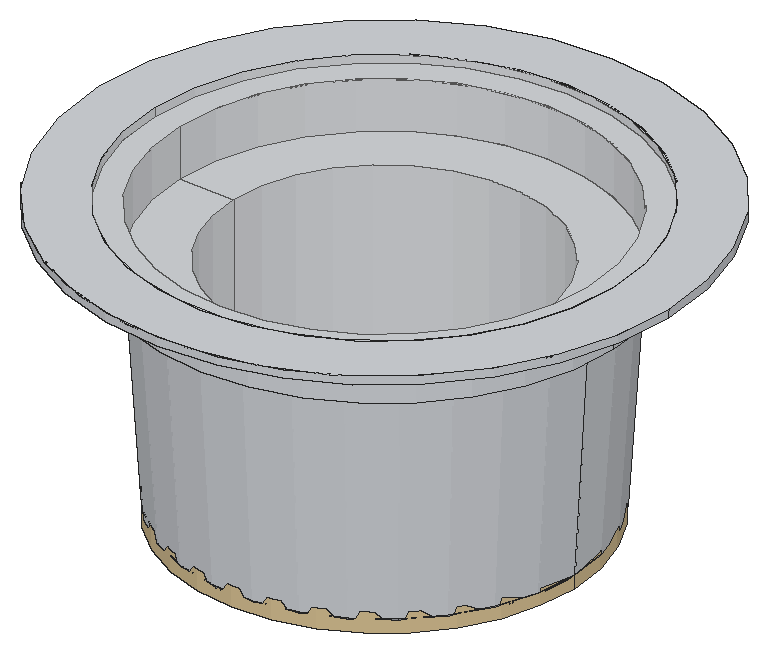
Revit family "Lighting-Terziario-GEWISS-ELIA-AL-LED_INCASSO_ACCENTO_D145", category Apparecchi per illuminazione, host Superficie, Revit 2019 (continued)
Types (16, lengths in mm): name | Temperatura di colore: | Temperatura di colore | Scheda Tecnica | Ottica | built-in parameter 1150142 | Lumen output (lm) | Model | IDT | File diagramma fotometrico | Description
  GWF1411GH830 - ELIA AL S2 30K 60° ST.ALONE DALI CRI80 | "3000K" | "3000K" | "https://www.gewiss.com/it/it/search?q=GWF1411GH830" | "60°" | "IESNA:LM-63-1995\r\n[TEST] 1\r\n[DATE] 27 Nov 2019\r\n[MANUFAC] GEWISS\r\n[LUMCAT] GWF1411GH830\r\n[LUMINAIRE] ELIA AL - S2 60° LED830 18W - DALI\r\n[FLASHAREA] 0.002016\r\n[LAMPCAT] LED 18W/1990lm\r\n[LAMP] LED 18W/1990lm\r\nTILT=NONE\r\n1 1990.00 1.0 91 4 1 2 -0.103 0.000 0.000\r\n1.00 1.00 18.00\r\n0.00 1.00 2.00 3.00 4.00 5.00 6.00 7.00 8.00 9.00 10.00 \r\n11.00 12.00 13.00 14.00 15.00 16.00 17.00 18.00 19.00 \r\n20.00 21.00 22.00 23.00 24.00 25.00 26.00 27.00 28.00 \r\n29.00 30.00 31.00 32.00 33.00 34.00 35.00 36.00 37.00 \r\n38.00 39.00 40.00 41.00 42.00 43.00 44.00 45.00 46.00 \r\n47.00 48.00 49.00 50.00 51.00 52.00 53.00 54.00 55.00 \r\n56.00 57.00 58.00 59.00 60.00 61.00 62.00 63.00 64.00 \r\n65.00 66.00 67.00 68.00 69.00 70.00 71.00 72.00 73.00 \r\n74.00 75.00 76.00 77.00 78.00 79.00 80.00 81.00 82.00 \r\n83.00 84.00 85.00 86.00 87.00 88.00 89.00 90.00 \r\n0.00 30.00 60.00 90.00 \r\n2370.09 2372.08 2375.07 2378.05 2379.05 2375.07 2367.11 \r\n2356.16 2345.22 2332.28 2320.34 2307.41 2289.49 2266.61 \r\n2238.75 2203.93 2159.15 2106.41 2046.71 1977.96 1903.83 \r\n1823.74 1738.56 1647.32 1552.40 1452.80 1351.31 1252.61 \r\n1150.42 1048.53 949.03 855.30 770.63 694.31 625.46 563.47 \r\n507.45 457.40 411.63 369.24 330.14 293.72 259.89 227.46 \r\n196.63 166.02 136.58 108.01 82.11 61.59 45.42 32.45 22.15 \r\n15.36 10.52 6.79 4.32 2.83 2.22 1.89 1.65 1.48 1.30 1.14 \r\n1.03 0.94 0.88 0.83 0.79 0.75 0.70 0.68 0.63 0.60 0.55 \r\n0.51 0.47 0.42 0.36 0.30 0.24 0.18 0.11 0.06 0.00 0.00 \r\n0.00 0.00 0.00 0.00 0.00 \r\n2358.15 2360.14 2363.62 2365.11 2362.63 2357.16 2350.19 \r\n2341.24 2331.28 2319.34 2308.40 2293.47 2275.57 2251.19 \r\n2222.33 2187.01 2142.73 2090.49 2030.89 1964.53 1891.84 \r\n1813.04 1729.81 1641.20 1548.17 1451.01 1350.96 1250.67 \r\n1150.17 1049.03 948.93 856.74 772.57 696.30 628.59 567.20 \r\n511.53 461.48 415.81 373.62 334.02 297.36 263.53 231.09 \r\n199.73 169.14 139.46 110.33 83.69 62.37 46.28 32.93 22.28 \r\n15.40 10.59 6.85 4.26 2.84 2.21 1.86 1.65 1.48 1.30 1.14 \r\n1.02 0.93 0.88 0.82 0.78 0.74 0.70 0.66 0.63 0.59 0.56 \r\n0.51 0.46 0.41 0.37 0.31 0.24 0.17 0.10 0.04 0.00 0.00 \r\n0.00 0.00 0.00 0.00 0.00 \r\n2358.15 2359.64 2363.13 2365.11 2362.63 2358.15 2348.20 \r\n2337.26 2326.31 2314.87 2303.92 2289.99 2271.59 2248.70 \r\n2219.84 2185.02 2141.24 2089.00 2029.45 1962.99 1890.40 \r\n1811.50 1728.07 1639.31 1545.68 1448.02 1348.27 1247.93 \r\n1149.57 1050.52 951.07 857.74 773.02 696.45 628.59 567.40 \r\n512.38 462.63 417.30 375.81 335.91 299.15 266.16 233.43 \r\n201.23 170.50 140.31 110.91 83.58 62.25 46.65 32.93 22.38 \r\n15.47 10.67 6.93 4.20 2.91 2.21 1.87 1.67 1.50 1.33 1.17 \r\n1.03 0.94 0.90 0.84 0.79 0.75 0.71 0.67 0.63 0.60 0.56 \r\n0.51 0.48 0.42 0.37 0.31 0.25 0.18 0.11 0.03 0.00 0.00 \r\n0.00 0.00 0.00 0.00 0.00 \r\n2358.15 2359.14 2364.12 2366.11 2366.11 2360.14 2350.19 \r\n2337.26 2324.32 2312.38 2298.45 2285.51 2266.61 2244.72 \r\n2216.86 2181.04 2136.26 2084.53 2023.33 1957.86 1884.73 \r\n1806.02 1722.64 1634.49 1541.45 1444.14 1344.44 1243.75 \r\n1147.93 1049.03 949.23 856.00 772.02 696.20 628.84 567.45 \r\n512.13 462.38 417.50 376.01 336.11 299.69 266.96 234.92 \r\n201.87 171.08 140.41 111.18 83.37 61.93 46.75 32.79 22.41 \r\n15.53 10.77 7.01 4.16 2.97 2.25 1.92 1.71 1.55 1.38 1.21 \r\n1.05 0.98 0.92 0.86 0.81 0.77 0.73 0.69 0.65 0.61 0.58 \r\n0.52 0.48 0.43 0.37 0.33 0.26 0.19 0.11 0.02 0.00 0.00 \r\n0.00 0.00 0.00 0.00 0.00 \r\n" | "1990" | "GWF1411GH830" | "137c3ecd-1fcb-498c-a250-263d9595df33" | "GWF1411GH830.IES" | "ELIA AL S2 30K 60° ST.ALONE DALI CRI80"
  GWF1411GH930 - ELIA AL S2 30K 60° ST.ALONE DALI CRI90 | "3000K" | "3000K" | "https://www.gewiss.com/it/it/search?q=GWF1411GH930" | "60°" | "IESNA:LM-63-1995\r\n[TEST] 1\r\n[DATE] 27 Nov 2019\r\n[MANUFAC] GEWISS\r\n[LUMCAT] GWF1411GH930\r\n[LUMINAIRE] ELIA AL - S2 60° LED930 18W - DALI\r\n[FLASHAREA] 0.002016\r\n[LAMPCAT] LED 18W/1700lm\r\n[LAMP] LED 18W/1700lm\r\nTILT=NONE\r\n1 1700.00 1.0 91 4 1 2 -0.103 0.000 0.000\r\n1.00 1.00 18.00\r\n0.00 1.00 2.00 3.00 4.00 5.00 6.00 7.00 8.00 9.00 10.00 \r\n11.00 12.00 13.00 14.00 15.00 16.00 17.00 18.00 19.00 \r\n20.00 21.00 22.00 23.00 24.00 25.00 26.00 27.00 28.00 \r\n29.00 30.00 31.00 32.00 33.00 34.00 35.00 36.00 37.00 \r\n38.00 39.00 40.00 41.00 42.00 43.00 44.00 45.00 46.00 \r\n47.00 48.00 49.00 50.00 51.00 52.00 53.00 54.00 55.00 \r\n56.00 57.00 58.00 59.00 60.00 61.00 62.00 63.00 64.00 \r\n65.00 66.00 67.00 68.00 69.00 70.00 71.00 72.00 73.00 \r\n74.00 75.00 76.00 77.00 78.00 79.00 80.00 81.00 82.00 \r\n83.00 84.00 85.00 86.00 87.00 88.00 89.00 90.00 \r\n0.00 30.00 60.00 90.00 \r\n2024.70 2026.40 2028.95 2031.50 2032.35 2028.95 2022.15 \r\n2012.80 2003.45 1992.40 1982.20 1971.15 1955.85 1936.30 \r\n1912.50 1882.75 1844.50 1799.45 1748.45 1689.72 1626.39 \r\n1557.97 1485.20 1407.26 1326.17 1241.08 1154.38 1070.07 \r\n982.77 895.73 810.73 730.66 658.32 593.13 534.31 481.35 \r\n433.50 390.75 351.64 315.44 282.03 250.92 222.02 194.31 \r\n167.98 141.82 116.68 92.27 70.14 52.61 38.80 27.72 18.93 \r\n13.12 8.98 5.80 3.69 2.42 1.90 1.62 1.41 1.27 1.11 0.98 \r\n0.88 0.80 0.75 0.71 0.67 0.64 0.60 0.58 0.54 0.51 0.47 \r\n0.44 0.40 0.36 0.31 0.26 0.20 0.15 0.10 0.05 0.00 0.00 \r\n0.00 0.00 0.00 0.00 0.00 \r\n2014.50 2016.20 2019.17 2020.45 2018.33 2013.65 2007.70 \r\n2000.05 1991.55 1981.35 1972.00 1959.25 1943.95 1923.13 \r\n1898.47 1868.30 1830.47 1785.85 1734.93 1678.24 1616.15 \r\n1548.83 1477.72 1402.03 1322.56 1239.55 1154.09 1068.41 \r\n982.56 896.15 810.64 731.89 659.98 594.83 536.99 484.54 \r\n436.99 394.23 355.21 319.18 285.34 254.02 225.12 197.41 \r\n170.62 144.49 119.14 94.25 71.49 53.28 39.54 28.13 19.03 \r\n13.16 9.05 5.86 3.64 2.43 1.89 1.59 1.41 1.27 1.11 0.98 \r\n0.87 0.80 0.75 0.70 0.66 0.63 0.60 0.57 0.53 0.50 0.47 \r\n0.43 0.39 0.35 0.31 0.26 0.21 0.15 0.08 0.04 0.00 0.00 \r\n0.00 0.00 0.00 0.00 0.00 \r\n2014.50 2015.77 2018.75 2020.45 2018.33 2014.50 2006.00 \r\n1996.65 1987.30 1977.52 1968.17 1956.27 1940.55 1921.00 \r\n1896.35 1866.60 1829.20 1784.58 1733.70 1676.92 1614.91 \r\n1547.51 1476.24 1400.42 1320.43 1237.00 1151.79 1066.07 \r\n982.05 897.43 812.47 732.74 660.37 594.96 536.99 484.71 \r\n437.71 395.21 356.49 321.04 286.96 255.55 227.38 199.41 \r\n171.91 145.65 119.87 94.75 71.40 53.18 39.85 28.14 19.12 \r\n13.21 9.12 5.92 3.59 2.48 1.89 1.60 1.43 1.28 1.13 1.00 \r\n0.88 0.81 0.77 0.72 0.68 0.64 0.61 0.58 0.54 0.51 0.48 \r\n0.44 0.41 0.36 0.32 0.27 0.22 0.16 0.09 0.02 0.00 0.00 \r\n0.00 0.00 0.00 0.00 0.00 \r\n2014.50 2015.35 2019.60 2021.30 2021.30 2016.20 2007.70 \r\n1996.65 1985.60 1975.40 1963.50 1952.45 1936.30 1917.60 \r\n1893.80 1863.20 1824.95 1780.75 1728.47 1672.55 1610.07 \r\n1542.83 1471.61 1396.30 1316.82 1233.69 1148.52 1062.50 \r\n980.64 896.15 810.90 731.25 659.51 594.75 537.20 484.75 \r\n437.50 395.00 356.66 321.21 287.13 256.02 228.06 200.69 \r\n172.45 146.15 119.95 94.98 71.22 52.90 39.93 28.01 19.14 \r\n13.27 9.20 5.99 3.55 2.53 1.93 1.64 1.46 1.32 1.18 1.03 \r\n0.90 0.84 0.78 0.74 0.69 0.66 0.63 0.59 0.56 0.52 0.50 \r\n0.45 0.41 0.37 0.32 0.28 0.22 0.16 0.09 0.02 0.00 0.00 \r\n0.00 0.00 0.00 0.00 0.00 \r\n" | "1790" | "GWF1411GH930" | "6ccece57-cde4-42aa-8f7c-a9bb11c9745b" | "GWF1411GH930.IES" | "ELIA AL S2 30K 60° ST.ALONE DALI CRI90"
  GWF1410GH830 - ELIA AL S2 30K 60° ST.ALONE ON/OFF CRI80 | "3000K" | "3000K" | "https://www.gewiss.com/it/it/search?q=GWF1410GH830" | "60°" | "IESNA:LM-63-1995\r\n[TEST] 1\r\n[DATE] 27 Nov 2019\r\n[MANUFAC] GEWISS\r\n[LUMCAT] GWF1410GH830\r\n[LUMINAIRE] ELIA AL - S2 60° LED830 18W\r\n[FLASHAREA] 0.002016\r\n[LAMPCAT] LED 18W/1990lm\r\n[LAMP] LED 18W/1990lm\r\nTILT=NONE\r\n1 1990.00 1.0 91 4 1 2 -0.103 0.000 0.000\r\n1.00 1.00 18.00\r\n0.00 1.00 2.00 3.00 4.00 5.00 6.00 7.00 8.00 9.00 10.00 \r\n11.00 12.00 13.00 14.00 15.00 16.00 17.00 18.00 19.00 \r\n20.00 21.00 22.00 23.00 24.00 25.00 26.00 27.00 28.00 \r\n29.00 30.00 31.00 32.00 33.00 34.00 35.00 36.00 37.00 \r\n38.00 39.00 40.00 41.00 42.00 43.00 44.00 45.00 46.00 \r\n47.00 48.00 49.00 50.00 51.00 52.00 53.00 54.00 55.00 \r\n56.00 57.00 58.00 59.00 60.00 61.00 62.00 63.00 64.00 \r\n65.00 66.00 67.00 68.00 69.00 70.00 71.00 72.00 73.00 \r\n74.00 75.00 76.00 77.00 78.00 79.00 80.00 81.00 82.00 \r\n83.00 84.00 85.00 86.00 87.00 88.00 89.00 90.00 \r\n0.00 30.00 60.00 90.00 \r\n2370.09 2372.08 2375.07 2378.05 2379.05 2375.07 2367.11 \r\n2356.16 2345.22 2332.28 2320.34 2307.41 2289.49 2266.61 \r\n2238.75 2203.93 2159.15 2106.41 2046.71 1977.96 1903.83 \r\n1823.74 1738.56 1647.32 1552.40 1452.80 1351.31 1252.61 \r\n1150.42 1048.53 949.03 855.30 770.63 694.31 625.46 563.47 \r\n507.45 457.40 411.63 369.24 330.14 293.72 259.89 227.46 \r\n196.63 166.02 136.58 108.01 82.11 61.59 45.42 32.45 22.15 \r\n15.36 10.52 6.79 4.32 2.83 2.22 1.89 1.65 1.48 1.30 1.14 \r\n1.03 0.94 0.88 0.83 0.79 0.75 0.70 0.68 0.63 0.60 0.55 \r\n0.51 0.47 0.42 0.36 0.30 0.24 0.18 0.11 0.06 0.00 0.00 \r\n0.00 0.00 0.00 0.00 0.00 \r\n2358.15 2360.14 2363.62 2365.11 2362.63 2357.16 2350.19 \r\n2341.24 2331.28 2319.34 2308.40 2293.47 2275.57 2251.19 \r\n2222.33 2187.01 2142.73 2090.49 2030.89 1964.53 1891.84 \r\n1813.04 1729.81 1641.20 1548.17 1451.01 1350.96 1250.67 \r\n1150.17 1049.03 948.93 856.74 772.57 696.30 628.59 567.20 \r\n511.53 461.48 415.81 373.62 334.02 297.36 263.53 231.09 \r\n199.73 169.14 139.46 110.33 83.69 62.37 46.28 32.93 22.28 \r\n15.40 10.59 6.85 4.26 2.84 2.21 1.86 1.65 1.48 1.30 1.14 \r\n1.02 0.93 0.88 0.82 0.78 0.74 0.70 0.66 0.63 0.59 0.56 \r\n0.51 0.46 0.41 0.37 0.31 0.24 0.17 0.10 0.04 0.00 0.00 \r\n0.00 0.00 0.00 0.00 0.00 \r\n2358.15 2359.64 2363.13 2365.11 2362.63 2358.15 2348.20 \r\n2337.26 2326.31 2314.87 2303.92 2289.99 2271.59 2248.70 \r\n2219.84 2185.02 2141.24 2089.00 2029.45 1962.99 1890.40 \r\n1811.50 1728.07 1639.31 1545.68 1448.02 1348.27 1247.93 \r\n1149.57 1050.52 951.07 857.74 773.02 696.45 628.59 567.40 \r\n512.38 462.63 417.30 375.81 335.91 299.15 266.16 233.43 \r\n201.23 170.50 140.31 110.91 83.58 62.25 46.65 32.93 22.38 \r\n15.47 10.67 6.93 4.20 2.91 2.21 1.87 1.67 1.50 1.33 1.17 \r\n1.03 0.94 0.90 0.84 0.79 0.75 0.71 0.67 0.63 0.60 0.56 \r\n0.51 0.48 0.42 0.37 0.31 0.25 0.18 0.11 0.03 0.00 0.00 \r\n0.00 0.00 0.00 0.00 0.00 \r\n2358.15 2359.14 2364.12 2366.11 2366.11 2360.14 2350.19 \r\n2337.26 2324.32 2312.38 2298.45 2285.51 2266.61 2244.72 \r\n2216.86 2181.04 2136.26 2084.53 2023.33 1957.86 1884.73 \r\n1806.02 1722.64 1634.49 1541.45 1444.14 1344.44 1243.75 \r\n1147.93 1049.03 949.23 856.00 772.02 696.20 628.84 567.45 \r\n512.13 462.38 417.50 376.01 336.11 299.69 266.96 234.92 \r\n201.87 171.08 140.41 111.18 83.37 61.93 46.75 32.79 22.41 \r\n15.53 10.77 7.01 4.16 2.97 2.25 1.92 1.71 1.55 1.38 1.21 \r\n1.05 0.98 0.92 0.86 0.81 0.77 0.73 0.69 0.65 0.61 0.58 \r\n0.52 0.48 0.43 0.37 0.33 0.26 0.19 0.11 0.02 0.00 0.00 \r\n0.00 0.00 0.00 0.00 0.00 \r\n" | "1990" | "GWF1410GH830" | "58a6f0a5-07d3-40df-8194-6b6163f1265f" | "GWF1410GH830.IES" | "ELIA AL S2 30K 60° ST.ALONE ON/OFF CRI80"
  GWF1410GH930 - ELIA AL S2 30K 60° ST.ALONE ON/OFF CRI90 | "3000K" | "3000K" | "https://www.gewiss.com/it/it/search?q=GWF1410GH930" | "60°" | "IESNA:LM-63-1995\r\n[TEST] 1\r\n[DATE] 27 Nov 2019\r\n[MANUFAC] GEWISS\r\n[LUMCAT] GWF1410GH930\r\n[LUMINAIRE] ELIA AL - S2 60° LED930 18W\r\n[FLASHAREA] 0.002016\r\n[LAMPCAT] LED 18W/1700lm\r\n[LAMP] LED 18W/1700lm\r\nTILT=NONE\r\n1 1700.00 1.0 91 4 1 2 -0.103 0.000 0.000\r\n1.00 1.00 18.00\r\n0.00 1.00 2.00 3.00 4.00 5.00 6.00 7.00 8.00 9.00 10.00 \r\n11.00 12.00 13.00 14.00 15.00 16.00 17.00 18.00 19.00 \r\n20.00 21.00 22.00 23.00 24.00 25.00 26.00 27.00 28.00 \r\n29.00 30.00 31.00 32.00 33.00 34.00 35.00 36.00 37.00 \r\n38.00 39.00 40.00 41.00 42.00 43.00 44.00 45.00 46.00 \r\n47.00 48.00 49.00 50.00 51.00 52.00 53.00 54.00 55.00 \r\n56.00 57.00 58.00 59.00 60.00 61.00 62.00 63.00 64.00 \r\n65.00 66.00 67.00 68.00 69.00 70.00 71.00 72.00 73.00 \r\n74.00 75.00 76.00 77.00 78.00 79.00 80.00 81.00 82.00 \r\n83.00 84.00 85.00 86.00 87.00 88.00 89.00 90.00 \r\n0.00 30.00 60.00 90.00 \r\n2024.70 2026.40 2028.95 2031.50 2032.35 2028.95 2022.15 \r\n2012.80 2003.45 1992.40 1982.20 1971.15 1955.85 1936.30 \r\n1912.50 1882.75 1844.50 1799.45 1748.45 1689.72 1626.39 \r\n1557.97 1485.20 1407.26 1326.17 1241.08 1154.38 1070.07 \r\n982.77 895.73 810.73 730.66 658.32 593.13 534.31 481.35 \r\n433.50 390.75 351.64 315.44 282.03 250.92 222.02 194.31 \r\n167.98 141.82 116.68 92.27 70.14 52.61 38.80 27.72 18.93 \r\n13.12 8.98 5.80 3.69 2.42 1.90 1.62 1.41 1.27 1.11 0.98 \r\n0.88 0.80 0.75 0.71 0.67 0.64 0.60 0.58 0.54 0.51 0.47 \r\n0.44 0.40 0.36 0.31 0.26 0.20 0.15 0.10 0.05 0.00 0.00 \r\n0.00 0.00 0.00 0.00 0.00 \r\n2014.50 2016.20 2019.17 2020.45 2018.33 2013.65 2007.70 \r\n2000.05 1991.55 1981.35 1972.00 1959.25 1943.95 1923.13 \r\n1898.47 1868.30 1830.47 1785.85 1734.93 1678.24 1616.15 \r\n1548.83 1477.72 1402.03 1322.56 1239.55 1154.09 1068.41 \r\n982.56 896.15 810.64 731.89 659.98 594.83 536.99 484.54 \r\n436.99 394.23 355.21 319.18 285.34 254.02 225.12 197.41 \r\n170.62 144.49 119.14 94.25 71.49 53.28 39.54 28.13 19.03 \r\n13.16 9.05 5.86 3.64 2.43 1.89 1.59 1.41 1.27 1.11 0.98 \r\n0.87 0.80 0.75 0.70 0.66 0.63 0.60 0.57 0.53 0.50 0.47 \r\n0.43 0.39 0.35 0.31 0.26 0.21 0.15 0.08 0.04 0.00 0.00 \r\n0.00 0.00 0.00 0.00 0.00 \r\n2014.50 2015.77 2018.75 2020.45 2018.33 2014.50 2006.00 \r\n1996.65 1987.30 1977.52 1968.17 1956.27 1940.55 1921.00 \r\n1896.35 1866.60 1829.20 1784.58 1733.70 1676.92 1614.91 \r\n1547.51 1476.24 1400.42 1320.43 1237.00 1151.79 1066.07 \r\n982.05 897.43 812.47 732.74 660.37 594.96 536.99 484.71 \r\n437.71 395.21 356.49 321.04 286.96 255.55 227.38 199.41 \r\n171.91 145.65 119.87 94.75 71.40 53.18 39.85 28.14 19.12 \r\n13.21 9.12 5.92 3.59 2.48 1.89 1.60 1.43 1.28 1.13 1.00 \r\n0.88 0.81 0.77 0.72 0.68 0.64 0.61 0.58 0.54 0.51 0.48 \r\n0.44 0.41 0.36 0.32 0.27 0.22 0.16 0.09 0.02 0.00 0.00 \r\n0.00 0.00 0.00 0.00 0.00 \r\n2014.50 2015.35 2019.60 2021.30 2021.30 2016.20 2007.70 \r\n1996.65 1985.60 1975.40 1963.50 1952.45 1936.30 1917.60 \r\n1893.80 1863.20 1824.95 1780.75 1728.47 1672.55 1610.07 \r\n1542.83 1471.61 1396.30 1316.82 1233.69 1148.52 1062.50 \r\n980.64 896.15 810.90 731.25 659.51 594.75 537.20 484.75 \r\n437.50 395.00 356.66 321.21 287.13 256.02 228.06 200.69 \r\n172.45 146.15 119.95 94.98 71.22 52.90 39.93 28.01 19.14 \r\n13.27 9.20 5.99 3.55 2.53 1.93 1.64 1.46 1.32 1.18 1.03 \r\n0.90 0.84 0.78 0.74 0.69 0.66 0.63 0.59 0.56 0.52 0.50 \r\n0.45 0.41 0.37 0.32 0.28 0.22 0.16 0.09 0.02 0.00 0.00 \r\n0.00 0.00 0.00 0.00 0.00 \r\n" | "1790" | "GWF1410GH930" | "6e5981cf-2a59-4900-9b00-76b8a8b50748" | "GWF1410GH930.IES" | "ELIA AL S2 30K 60° ST.ALONE ON/OFF CRI90"
  GWF1411GG840 - ELIA AL S2 40K 36° ST.ALONE DALI CRI80 | "4000K" | "4000K" | "https://www.gewiss.com/it/it/search?q=GWF1411GG840" | "36°" | "IESNA:LM-63-1995\r\n[TEST] 1\r\n[DATE] 27 Nov 2019\r\n[MANUFAC] GEWISS\r\n[LUMCAT] GWF1411GG840\r\n[LUMINAIRE] ELIA AL - S2 36° LED840 18W - DALI\r\n[FLASHAREA] 0.002016\r\n[LAMPCAT] LED 18W/2030lm\r\n[LAMP] LED 18W/2030lm\r\nTILT=NONE\r\n1 2030.00 1.0 91 4 1 2 -0.103 0.000 0.000\r\n1.00 1.00 18.00\r\n0.00 1.00 2.00 3.00 4.00 5.00 6.00 7.00 8.00 9.00 10.00 \r\n11.00 12.00 13.00 14.00 15.00 16.00 17.00 18.00 19.00 \r\n20.00 21.00 22.00 23.00 24.00 25.00 26.00 27.00 28.00 \r\n29.00 30.00 31.00 32.00 33.00 34.00 35.00 36.00 37.00 \r\n38.00 39.00 40.00 41.00 42.00 43.00 44.00 45.00 46.00 \r\n47.00 48.00 49.00 50.00 51.00 52.00 53.00 54.00 55.00 \r\n56.00 57.00 58.00 59.00 60.00 61.00 62.00 63.00 64.00 \r\n65.00 66.00 67.00 68.00 69.00 70.00 71.00 72.00 73.00 \r\n74.00 75.00 76.00 77.00 78.00 79.00 80.00 81.00 82.00 \r\n83.00 84.00 85.00 86.00 87.00 88.00 89.00 90.00 \r\n0.00 30.00 60.00 90.00 \r\n4384.80 4371.60 4342.17 4301.57 4251.84 4183.83 4092.48 \r\n3996.05 3877.30 3746.36 3603.25 3442.88 3271.34 3088.64 \r\n2897.82 2707.00 2508.06 2312.37 2120.33 1936.21 1759.30 \r\n1595.78 1445.66 1301.74 1178.11 1066.36 965.57 877.97 \r\n799.01 728.87 666.75 611.13 560.79 515.01 474.21 436.96 \r\n400.82 368.34 337.59 309.27 280.04 253.04 226.18 197.86 \r\n169.18 140.09 111.73 87.76 67.22 48.19 32.87 23.25 17.20 \r\n11.67 7.91 5.84 4.59 3.70 3.04 2.51 2.13 1.83 1.55 1.38 \r\n1.24 1.11 1.05 1.00 0.94 0.90 0.83 0.80 0.74 0.69 0.65 \r\n0.59 0.54 0.49 0.41 0.34 0.25 0.16 0.11 0.04 0.00 0.00 \r\n0.00 0.00 0.00 0.00 0.00 \r\n4369.57 4361.45 4332.02 4294.46 4238.13 4173.17 4087.40 \r\n3989.96 3874.76 3740.27 3593.10 3431.71 3260.18 3077.99 \r\n2891.73 2699.90 2504.00 2309.18 2118.36 1932.10 1757.88 \r\n1593.40 1443.74 1306.46 1180.24 1068.03 968.06 879.35 \r\n800.68 731.00 668.53 613.92 565.20 520.59 480.96 443.91 \r\n410.31 377.33 347.43 319.07 290.54 262.86 236.01 206.14 \r\n176.79 146.31 116.01 89.18 66.30 46.79 32.01 22.44 16.02 \r\n10.52 7.30 5.52 4.38 3.60 2.99 2.51 2.13 1.82 1.54 1.36 \r\n1.24 1.13 1.06 1.02 0.98 0.90 0.85 0.81 0.75 0.71 0.65 \r\n0.60 0.54 0.48 0.41 0.33 0.25 0.15 0.08 0.04 0.00 0.00 \r\n0.00 0.00 0.00 0.00 0.00 \r\n4370.59 4360.44 4336.59 4295.48 4243.71 4177.23 4095.52 \r\n3993.01 3878.82 3741.80 3595.13 3432.22 3259.16 3080.02 \r\n2893.76 2701.93 2507.05 2312.47 2120.44 1938.45 1762.55 \r\n1599.49 1451.45 1314.63 1189.48 1076.51 975.57 886.40 \r\n806.67 737.04 675.23 620.88 572.92 529.93 491.67 456.39 \r\n423.81 392.70 362.86 333.88 306.58 278.58 250.39 220.55 \r\n189.44 156.68 123.06 91.23 64.50 45.12 31.61 21.67 14.00 \r\n9.26 6.75 5.29 4.29 3.54 2.98 2.54 2.14 1.79 1.54 1.37 \r\n1.25 1.16 1.10 1.04 0.98 0.93 0.87 0.83 0.77 0.72 0.67 \r\n0.62 0.56 0.49 0.43 0.35 0.25 0.18 0.12 0.05 0.00 0.00 \r\n0.00 0.00 0.00 0.00 0.00 \r\n4370.59 4359.42 4338.11 4298.52 4242.70 4176.72 4092.48 \r\n3988.95 3873.24 3746.36 3595.13 3431.71 3260.18 3078.49 \r\n2892.75 2703.96 2509.08 2315.21 2123.68 1939.36 1767.11 \r\n1606.74 1460.08 1317.88 1193.13 1079.86 978.76 888.84 \r\n810.07 739.33 676.80 622.30 575.40 533.48 496.23 459.39 \r\n427.72 397.27 367.02 338.60 311.60 283.98 255.13 224.89 \r\n192.92 159.33 123.50 89.24 60.62 42.72 31.53 21.00 12.88 \r\n8.78 6.64 5.25 4.29 3.56 3.01 2.57 2.16 1.80 1.57 1.36 \r\n1.26 1.18 1.12 1.06 1.00 0.96 0.89 0.84 0.79 0.75 0.68 \r\n0.63 0.57 0.50 0.44 0.36 0.26 0.19 0.14 0.03 0.00 0.00 \r\n0.00 0.00 0.00 0.00 0.00 \r\n" | "2030" | "GWF1411GG840" | "8ad813b3-5fdb-44ba-9abe-b8470bae26bb" | "GWF1411GG840.IES" | "ELIA AL S2 40K 36° ST.ALONE DALI CRI80"
  GWF1411GG940 - ELIA AL S2 40K 36° ST.ALONE DALI CRI90 | "4000K" | "4000K" | "https://www.gewiss.com/it/it/search?q=GWF1411GG940" | "36°" | "IESNA:LM-63-1995\r\n[TEST] 1\r\n[DATE] 27 Nov 2019\r\n[MANUFAC] GEWISS\r\n[LUMCAT] GWF1411GG940\r\n[LUMINAIRE] ELIA AL - S2 36° LED940 18W - DALI\r\n[FLASHAREA] 0.002016\r\n[LAMPCAT] LED 18W/1700lm\r\n[LAMP] LED 18W/1700lm\r\nTILT=NONE\r\n1 1700.00 1.0 91 4 1 2 -0.103 0.000 0.000\r\n1.00 1.00 18.00\r\n0.00 1.00 2.00 3.00 4.00 5.00 6.00 7.00 8.00 9.00 10.00 \r\n11.00 12.00 13.00 14.00 15.00 16.00 17.00 18.00 19.00 \r\n20.00 21.00 22.00 23.00 24.00 25.00 26.00 27.00 28.00 \r\n29.00 30.00 31.00 32.00 33.00 34.00 35.00 36.00 37.00 \r\n38.00 39.00 40.00 41.00 42.00 43.00 44.00 45.00 46.00 \r\n47.00 48.00 49.00 50.00 51.00 52.00 53.00 54.00 55.00 \r\n56.00 57.00 58.00 59.00 60.00 61.00 62.00 63.00 64.00 \r\n65.00 66.00 67.00 68.00 69.00 70.00 71.00 72.00 73.00 \r\n74.00 75.00 76.00 77.00 78.00 79.00 80.00 81.00 82.00 \r\n83.00 84.00 85.00 86.00 87.00 88.00 89.00 90.00 \r\n0.00 30.00 60.00 90.00 \r\n3672.00 3660.95 3636.30 3602.30 3560.65 3503.70 3427.20 \r\n3346.45 3247.00 3137.35 3017.50 2883.20 2739.55 2586.55 \r\n2426.75 2266.95 2100.35 1936.47 1775.65 1621.46 1473.30 \r\n1336.37 1210.65 1090.13 986.60 893.01 808.60 735.25 \r\n669.12 610.38 558.37 511.79 469.63 431.29 397.12 365.93 \r\n335.66 308.46 282.71 259.00 234.51 211.91 189.41 165.70 \r\n141.68 117.32 93.57 73.49 56.30 40.36 27.53 19.47 14.40 \r\n9.78 6.63 4.89 3.84 3.10 2.54 2.10 1.78 1.53 1.30 1.15 \r\n1.04 0.93 0.88 0.83 0.78 0.75 0.70 0.67 0.62 0.58 0.54 \r\n0.49 0.46 0.41 0.34 0.28 0.21 0.13 0.09 0.04 0.00 0.00 \r\n0.00 0.00 0.00 0.00 0.00 \r\n3659.25 3652.45 3627.80 3596.35 3549.17 3494.78 3422.95 \r\n3341.35 3244.88 3132.25 3009.00 2873.85 2730.20 2577.63 \r\n2421.65 2261.00 2096.95 1933.79 1773.99 1618.02 1472.12 \r\n1334.37 1209.04 1094.08 988.38 894.41 810.69 736.40 \r\n670.52 612.17 559.85 514.12 473.32 435.96 402.77 371.75 \r\n343.61 315.99 290.95 267.20 243.31 220.13 197.64 172.63 \r\n148.05 122.52 97.16 74.68 55.52 39.18 26.81 18.79 13.41 \r\n8.81 6.11 4.62 3.67 3.01 2.50 2.10 1.79 1.52 1.29 1.14 \r\n1.04 0.95 0.89 0.85 0.82 0.75 0.71 0.67 0.63 0.60 0.54 \r\n0.50 0.46 0.40 0.34 0.28 0.21 0.13 0.06 0.04 0.00 0.00 \r\n0.00 0.00 0.00 0.00 0.00 \r\n3660.10 3651.60 3631.63 3597.20 3553.85 3498.17 3429.75 \r\n3343.90 3248.28 3133.53 3010.70 2874.28 2729.35 2579.32 \r\n2423.35 2262.70 2099.50 1936.56 1775.73 1623.33 1476.02 \r\n1339.47 1215.50 1100.92 996.12 901.51 816.98 742.30 \r\n675.54 617.23 565.46 519.95 479.78 443.79 411.74 382.20 \r\n354.92 328.86 303.88 279.61 256.74 233.29 209.68 184.70 \r\n158.64 131.21 103.05 76.40 54.02 37.79 26.47 18.14 11.73 \r\n7.75 5.66 4.43 3.59 2.97 2.49 2.12 1.79 1.50 1.29 1.15 \r\n1.04 0.97 0.92 0.87 0.82 0.78 0.73 0.69 0.65 0.60 0.56 \r\n0.52 0.47 0.41 0.36 0.29 0.21 0.15 0.10 0.04 0.00 0.00 \r\n0.00 0.00 0.00 0.00 0.00 \r\n3660.10 3650.75 3632.90 3599.75 3553.00 3497.75 3427.20 \r\n3340.50 3243.60 3137.35 3010.70 2873.85 2730.20 2578.05 \r\n2422.50 2264.40 2101.20 1938.85 1778.46 1624.10 1479.85 \r\n1345.55 1222.72 1103.64 999.17 904.32 819.65 744.35 \r\n678.38 619.14 566.78 521.13 481.86 446.76 415.56 384.71 \r\n358.19 332.69 307.36 283.56 260.95 237.81 213.66 188.33 \r\n161.56 133.43 103.42 74.73 50.76 35.78 26.40 17.58 10.78 \r\n7.35 5.56 4.40 3.59 2.98 2.52 2.15 1.81 1.51 1.31 1.14 \r\n1.06 0.99 0.94 0.89 0.84 0.80 0.75 0.70 0.67 0.63 0.57 \r\n0.53 0.48 0.42 0.37 0.30 0.22 0.16 0.12 0.03 0.00 0.00 \r\n0.00 0.00 0.00 0.00 0.00 \r\n" | "1800" | "GWF1411GG940" | "9112fd07-0ae1-431f-a273-73eb38d89288" | "GWF1411GG940.IES" | "ELIA AL S2 40K 36° ST.ALONE DALI CRI90"
